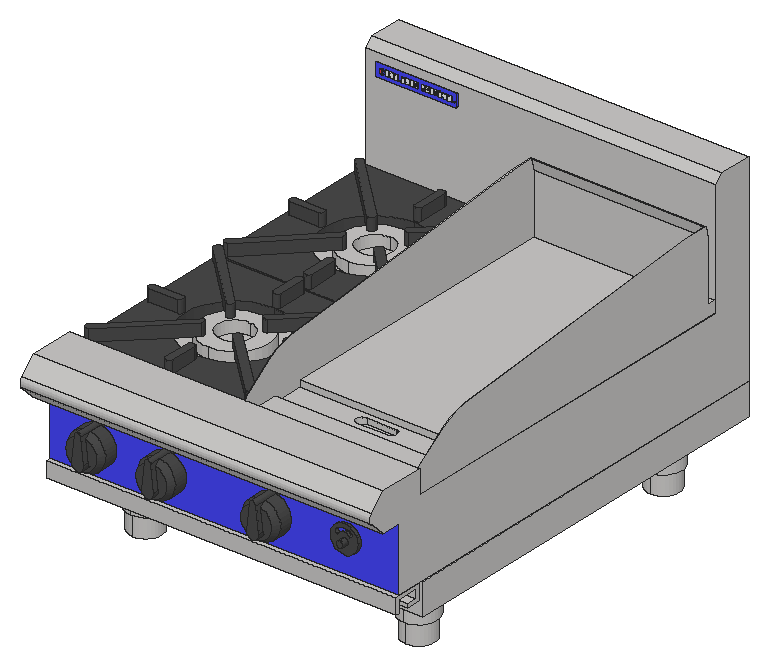
Revit family "QF_MOFFAT_BLUESEAL_CE_G514C-B", category Specialty Equipment, Revit 2012
Parameters
  Width = 600 mm  # constant formula
  Weight in Pounds = 176  # constant formula
  URL Cutsheet = "www.moffat.com"
  URL = "www.moffat.com"
  Type Mark [instance] = ""
  Status [instance] = ""
  Specification by User [instance] = ""
  Specification by Manufacturer = ""
  Show Logo [instance] = yes
  Serial Number = ""
  Seismic Rating = ""
  SMACNA No = ""
  Revision Code [instance] = ""
  Omniclass Number and Title = ""
  NAFEM Spec ID Number = ""
  Model = "G514C-B"
  Mechanical Remarks [instance] = ""
  Mechanical Connection Type [instance] = ""
  Masterspec = ""
  Manufacturer = "MOFFAT BLUESEAL"
  Item Number [instance] = ""
  Installed By [instance] = ""
  Identify Quantity as Lot [instance] = yes
  Height = 485 mm  # constant formula
  Gas Size = 3/4"
  Gas RI Height [instance] = 0 mm
  Gas KW [instance] = 20
  Gas Input [instance] = 68600.0 Btu/h
  Gas Connection Height = 0 mm
  Furnished By [instance] = ""
  Foodservice Equipment Identifier [instance] = yes
  Description = "600MM GAS GRIDDLE BENCH MOUNT"
  Depth = 812 mm  # constant formula
  CSI MasterFormat = ""
  CSI Master Format = ""
Reference planes
  plane 1 "BACK": y = 0
  plane 2: z = 0
  plane 3 "LEFT": x = 0
  plane 4 "RIGHT": x = 600
  plane 5 "FRONT": y = -812
  plane 6 "TOP": z = 370
  plane 7 "Center Y": x = 300
  plane 8 "Center X": y = -406
  plane 9: z = 485
  plane 10: z = 315
  plane 11: y = -100
  plane 12: y = -625
Forms (mm)
  Revolve 1, solid, material "QF_Finishes_Stainless Steel"
    sketch origin (534.5, -728, 0) x (0, 1, 0) y (0, 0, -1)
      loop
        line (71.25, -85) -> (103, -85) -> (103, 0) -> (75.5, 0) -> (75.5, -35) -> (71.25, -35) -> (71.25, -85)
      axis (103, -85) -> (103, 0)
    angle from 0 to 360
  Revolve 2, solid, material "QF_Finishes_Stainless Steel"
    sketch origin (534.5, -210, 0) x (0, 1, 0) y (0, 0, -1)
      loop
        line (78.25, -85) -> (110, -85) -> (110, 0) -> (82.5, 0) -> (82.5, -35) -> (78.25, -35) -> (78.25, -85)
      axis (110, -85) -> (110, 0)
    angle from 0 to 360
  Revolve 3, solid, material "QF_Finishes_Stainless Steel"
    sketch origin (65.5, -728, 0) x (0, 1, 0) y (0, 0, 1)
      loop
        line (71.25, 85) -> (71.25, 35) -> (75.5, 35) -> (75.5, 0) -> (103, 0) -> (103, 85) -> (71.25, 85)
      axis (103, 85) -> (103, 0)
    angle from 0 to 360
  Revolve 4, solid, material "QF_Finishes_Stainless Steel"
    sketch origin (65.5, -210, 0) x (0, 1, 0) y (0, 0, 1)
      loop
        line (78.25, 85) -> (78.25, 35) -> (82.5, 35) -> (82.5, 0) -> (110, 0) -> (110, 85) -> (78.25, 85)
      axis (110, 85) -> (110, 0)
    angle from 0 to 360
  Revolve 5, solid, material "QF_Finishes_Black"
    sketch origin (210, 7, 0) x (0, -1, 0) y (0, 0, 1)
      loop
        line (789, 229.605) -> (766, 229.605) -> (766, 202.105) -> (756, 202.105) -> (756, 197.105) -> (800, 197.105) -> (800, 223.757) -> (789, 229.605)
      axis (800, 197.105) -> (756, 197.105)
    angle from 0 to 360
  Extrusion 6, solid, material "QF_Finishes_Black"
    sketch origin (71.569, 7, -103.997) x (1, 0, 0) y (0, 0, 1)
      loop
        line (148.85, 289.691) -> (143.43, 332.61)
        arc (143.43, 332.61) -> (138.431, 337.497) -> (133.432, 332.61) r 5
        line (133.432, 332.61) -> (127.944, 288.524)
        arc (127.944, 288.524) -> (139.015, 278.025) -> (148.85, 289.691) r 10.487
    from 759 to 808
  Extrusion 7, solid, material "QF_Finishes_Stainless Steel"
    sketch origin (405, 3, -500) x (1, 0, 0) y (0, 1, 0)
      loop
        circle (65, -35) r 13.5
    from 555 to 585
  Extrusion 8, solid, material "QF_Finishes_Stainless Steel"
    sketch origin (0, 0, 0) x (0, 1, 0) y (0, 0, 1)
      loop
        line (-756, 112.019) -> (-749.6, 112.019) -> (-749.6, 132.806) -> (-712.4, 132.806) -> (-712.4, 118.419) -> (-731, 118.419) -> (-731, 112.019) -> (-706, 112.019) -> (-706, 139.206) -> (-756, 139.206) -> (-756, 112.019)
    from 0 to 600
  Revolve 9, solid, material "QF_Finishes_Black"
    sketch origin (89.999, 7, -0.127) x (0, 1, 0) y (0, 0, -1)
      loop
        line (-789, -229.5) -> (-766, -229.5) -> (-766, -202) -> (-756, -202) -> (-756, -197) -> (-800, -197) -> (-800, -223.651) -> (-789, -229.5)
      axis (-800, -197) -> (-756, -197)
    angle from 0 to 360
  Extrusion 10, solid, material "QF_Finishes_Black"
    sketch origin (228.269, 7, 0.031) x (-1, 0, 0) y (0, 0, -1)
      loop
        line (127.85, -185.663) -> (133.27, -228.582)
        arc (133.27, -228.582) -> (138.269, -233.469) -> (143.267, -228.582) r 5
        line (143.267, -228.582) -> (148.756, -184.496)
        arc (148.756, -184.496) -> (137.684, -173.998) -> (127.85, -185.663) r 10.487
    from 759 to 808
  Extrusion 11, solid, material "QF_Finishes_Stainless Steel"
    sketch origin (0, 0, 0) x (0, 1, 0) y (0, 0, 1)
      loop
        line (-784.97, 250) -> (-749, 250) -> (-749, 140) -> (0, 140) -> (0, 485) -> (-57.5, 485) -> (-70, 472.5) -> (-70, 275) -> (-705, 275) -> (-705, 315) -> (-783.97, 315) -> (-808.498, 290.472)
        arc (-808.498, 290.472) -> (-812.007, 282) -> (-808.498, 273.528) r 11.982
        line (-808.498, 273.528) -> (-784.97, 250)
      loop
        line (0, 85) -> (0, 139.206) -> (-699, 139.206) -> (-699, 85) -> (0, 85)
    from 0 to 600
  Revolve 12, solid, material "QF_Finishes_Black"
    sketch origin (390, 7, -0.127) x (0, 1, 0) y (0, 0, -1)
      loop
        line (-789, -229.5) -> (-766, -229.5) -> (-766, -202) -> (-756, -202) -> (-756, -197) -> (-800, -197) -> (-800, -223.651) -> (-789, -229.5)
      axis (-800, -197) -> (-756, -197)
    angle from 0 to 360
  Extrusion 13, solid, material "QF_Finishes_Black"
    sketch origin (528.269, 7, 0.031) x (-1, 0, 0) y (0, 0, -1)
      loop
        line (127.85, -185.663) -> (133.271, -228.582)
        arc (133.271, -228.582) -> (138.269, -233.469) -> (143.268, -228.582) r 5
        line (143.268, -228.582) -> (148.757, -184.496)
        arc (148.757, -184.496) -> (137.685, -173.998) -> (127.85, -185.663) r 10.487
    from 759 to 808
  Extrusion 14, solid, material "QF_Finishes_Black"
    sketch origin (0, -749, 266) x (0, 0, -1) y (1, 0, 0)
      loop
        circle (69.5, 510) r 23.9
      loop
        arc (62.141, 518.419) -> (63.001, 523.219) -> (58.201, 524.079) r 3.448
        arc (58.201, 524.079) -> (51.616, 509.341) -> (59.419, 495.209) r 18.095
        arc (59.419, 495.209) -> (64.141, 496.491) -> (62.826, 501.204) r 3.448
        arc (62.826, 501.204) -> (59.258, 509.683) -> (62.141, 518.419) r 13.109
    from 0 to 5
  Extrusion 15, solid, material "QF_Finishes_Black"
    sketch origin (0, -754, 266) x (0, 0, -1) y (1, 0, 0)
      loop
        circle (73, 510) r 5.75
    from 0 to 10
Cuts and joins
  joined: Revolve 5, Extrusion 6
Lines and regions (mm)
  Split face 1
    outline origin (0, 0, 485) x (0, -1, 0) y (1, 0, 0)
      loop
        arc (18.185, 336.013) -> (23.185, 327.353) -> (33.185, 327.353) r 10
        line (33.185, 327.353) -> (40.185, 331.394)
        arc (40.185, 331.394) -> (43.845, 335.055) -> (45.185, 340.055) r 10
        line (45.185, 340.055) -> (45.185, 568.013)
        arc (45.185, 568.013) -> (40.185, 576.674) -> (30.185, 576.674) r 10
        line (30.185, 576.674) -> (23.185, 572.632)
        arc (23.185, 572.632) -> (19.525, 568.972) -> (18.185, 563.972) r 10
        line (18.185, 563.972) -> (18.185, 336.013)
  Split face 2
    outline origin (-300, 0, 485) x (0, -1, 0) y (1, 0, 0)
      loop
        arc (18.185, 336.013) -> (23.185, 327.353) -> (33.185, 327.353) r 10
        line (33.185, 327.353) -> (40.185, 331.394)
        arc (40.185, 331.394) -> (43.845, 335.055) -> (45.185, 340.055) r 10
        line (45.185, 340.055) -> (45.185, 568.013)
        arc (45.185, 568.013) -> (40.185, 576.674) -> (30.185, 576.674) r 10
        line (30.185, 576.674) -> (23.185, 572.632)
        arc (23.185, 572.632) -> (19.525, 568.972) -> (18.185, 563.972) r 10
        line (18.185, 563.972) -> (18.185, 336.013)
  symbolic lines
    curve 1: line (0, 0, 0) -> (0, -812, 0)
    curve 2: line (600, 0, 0) -> (0, 0, 0)
    curve 3: line (600, -812, 0) -> (600, 0, 0)
    curve 4: line (0, -70, 0) -> (600, -70, 0)
    curve 5: line (0, -812, 0) -> (600, -812, 0)
    curve 6: line (600, -705, 0) -> (0, -705, 0)
    curve 7: line (36.013, -18.185, 0) -> (263.972, -18.185, 0)
    curve 8: arc (263.972, -18.185, 0) -> (268.972, -19.525, 0) -> (272.632, -23.185, 0) r 10
    curve 9: line (272.632, -23.185, 0) -> (276.674, -30.185, 0)
    curve 10: arc (276.674, -30.185, 0) -> (276.674, -40.185, 0) -> (268.013, -45.185, 0) r 10
    curve 11: line (268.013, -45.185, 0) -> (40.055, -45.185, 0)
    curve 12: arc (40.055, -45.185, 0) -> (35.055, -43.845, 0) -> (31.394, -40.185, 0) r 10
    curve 13: line (31.394, -40.185, 0) -> (27.353, -33.185, 0)
    curve 14: arc (27.353, -33.185, 0) -> (27.353, -23.185, 0) -> (36.013, -18.185, 0) r 10
    curve 15: line (299, -705, 0) -> (299, -391.5, 0)
    curve 16: line (299, -388.5, 0) -> (299, -70, 0)
    curve 17: line (336.013, -18.185, 0) -> (563.972, -18.185, 0)
    curve 18: arc (563.972, -18.185, 0) -> (568.972, -19.525, 0) -> (572.632, -23.185, 0) r 10
    curve 19: line (572.632, -23.185, 0) -> (576.674, -30.185, 0)
    curve 20: arc (576.674, -30.185, 0) -> (576.674, -40.185, 0) -> (568.013, -45.185, 0) r 10
    curve 21: line (568.013, -45.185, 0) -> (340.055, -45.185, 0)
    curve 22: arc (340.055, -45.185, 0) -> (335.055, -43.845, 0) -> (331.394, -40.185, 0) r 10
    curve 23: line (331.394, -40.185, 0) -> (327.353, -33.185, 0)
    curve 24: arc (327.353, -33.185, 0) -> (327.353, -23.185, 0) -> (336.013, -18.185, 0) r 10
    curve 25: line (0, -783.97, 0) -> (600, -783.97, 0)
Dimensions and locks
  equal spacing: plane 3 "LEFT", plane 7 "Center Y", plane 4 "RIGHT"
  "Width": plane 3 "LEFT" to plane 4 "RIGHT"
  equal spacing: plane 5 "FRONT", plane 8 "Center X", plane 1 "BACK"
  "Depth": plane 5 "FRONT" to plane 1 "BACK"
  equal spacing: plane 4 "RIGHT", plane 7 "Center Y", plane 3 "LEFT"
  plane 4 "RIGHT" to plane 3 "LEFT" = 600 mm
  Extrusion 7 to level = 55 mm
  Extrusion 7 to plane 1 "BACK" = 32 mm
  plane 5 "FRONT" to plane 1 "BACK" = 812 mm
  "Height": plane 9 to level
  plane 10 to level = 315 mm
  Extrusion 7 sketch curve to plane 1 "BACK" = 32 mm
  aligned and locked: level to plane 2
  aligned and locked: curve 3 to plane 4 "RIGHT"
Automatic sketch dimensions
  Revolve 1 sketch curve to level = 0 mm
  level to Revolve 1 sketch curve = 35 mm
  Revolve 1 sketch curve to plane 5 "FRONT" = 155.25 mm
  Revolve 1 sketch curve to Revolve 1 sketch curve = 4.25 mm
  Revolve 1 sketch curve to Revolve 1 sketch curve = 27.5 mm
  Revolve 1 sketch curve to Revolve 1 sketch curve = 0 mm
  Revolve 1 sketch curve to Revolve 1 sketch curve = 15 mm
  Revolve 1 sketch curve to Revolve 1 sketch curve = 35 mm
  Revolve 1 sketch curve to Revolve 1 sketch curve = 55 mm
  Revolve 2 sketch curve to level = 0 mm
  level to Revolve 2 sketch curve = 35 mm
  plane 1 "BACK" to Revolve 2 sketch curve = 131.75 mm
  Revolve 2 sketch curve to Revolve 2 sketch curve = 4.25 mm
  Revolve 2 sketch curve to Revolve 2 sketch curve = 27.5 mm  (x2)
  Revolve 2 sketch curve to Revolve 2 sketch curve = 15 mm
  Revolve 2 sketch curve to Revolve 2 sketch curve = 35 mm
  Revolve 2 sketch curve to Revolve 2 sketch curve = 55 mm
  Revolve 3 sketch curve to level = 0 mm
  level to Revolve 3 sketch curve = 35 mm
  Revolve 3 sketch curve to plane 5 "FRONT" = 155.25 mm
  Revolve 3 sketch curve to Revolve 3 sketch curve = 4.25 mm
  Revolve 3 sketch curve to Revolve 3 sketch curve = 27.5 mm  (x2)
  Revolve 3 sketch curve to Revolve 3 sketch curve = 55 mm
  Revolve 3 sketch curve to Revolve 3 sketch curve = 15 mm
  Revolve 3 sketch curve to Revolve 3 sketch curve = 35 mm
  Revolve 4 sketch curve to level = 0 mm
  level to Revolve 4 sketch curve = 35 mm
  plane 1 "BACK" to Revolve 4 sketch curve = 131.75 mm
  Revolve 4 sketch curve to Revolve 4 sketch curve = 4.25 mm
  Revolve 4 sketch curve to Revolve 4 sketch curve = 27.5 mm  (x2)
  Revolve 4 sketch curve to Revolve 4 sketch curve = 55 mm
  Revolve 4 sketch curve to Revolve 4 sketch curve = 15 mm
  Revolve 4 sketch curve to Revolve 4 sketch curve = 35 mm
  Revolve 5 sketch curve to plane 5 "FRONT" = 63 mm
  Revolve 5 sketch curve to Revolve 5 sketch curve = 10 mm
  Revolve 5 sketch curve to Revolve 5 sketch curve = 21.3 mm
  Revolve 5 sketch curve to Revolve 5 sketch curve = 23 mm
  Revolve 5 sketch curve to Revolve 5 sketch curve = 12.7 mm
  Revolve 5 sketch curve to Revolve 5 sketch curve = 0 mm  (x2)
  Revolve 5 sketch curve to plane 10 = 117.895 mm
  Revolve 5 sketch curve to Revolve 5 sketch curve = 5 mm
  Revolve 5 sketch curve to Revolve 5 sketch curve = 26.651 mm
  Revolve 5 sketch curve to Revolve 5 sketch curve = 5.849 mm
  Extrusion 8 sketch curve to plane 5 "FRONT" = 56 mm
  Extrusion 8 sketch curve to Extrusion 8 sketch curve = 6.4 mm  (x4)
  Extrusion 8 sketch curve to Extrusion 8 sketch curve = 18.6 mm  (x2)
  level to Extrusion 8 sketch curve = 112.019 mm
  Extrusion 8 sketch curve to Extrusion 8 sketch curve = 0 mm
  Extrusion 8 sketch curve to Extrusion 8 sketch curve = 20.787 mm
  Revolve 9 sketch curve to plane 5 "FRONT" = 19 mm
  Revolve 9 sketch curve to Revolve 9 sketch curve = 0 mm  (x2)
  Revolve 9 sketch curve to Revolve 9 sketch curve = 11 mm
  Revolve 9 sketch curve to Revolve 9 sketch curve = 12.7 mm
  Revolve 9 sketch curve to Revolve 9 sketch curve = 23 mm
  Revolve 9 sketch curve to Revolve 9 sketch curve = 10 mm
  Revolve 9 sketch curve to plane 10 = 85.627 mm
  Revolve 9 sketch curve to Revolve 9 sketch curve = 5.849 mm
  Revolve 9 sketch curve to Revolve 9 sketch curve = 27.5 mm
  Revolve 9 sketch curve to Revolve 9 sketch curve = 5 mm
  Extrusion 11 sketch curve to plane 10 = 0 mm
  plane 9 to Extrusion 11 sketch curve = 0 mm
  Extrusion 11 sketch curve to plane 1 "BACK" = 0 mm  (x2)
  plane 1 "BACK" to Extrusion 11 sketch curve = 57.5 mm
  plane 9 to Extrusion 11 sketch curve = 12.5 mm
  Extrusion 11 sketch curve to Extrusion 11 sketch curve = 12.5 mm
  Extrusion 11 sketch curve to plane 5 "FRONT" = 113 mm
  Extrusion 11 sketch curve to plane 5 "FRONT" = 107 mm
  Extrusion 11 sketch curve to Extrusion 11 sketch curve = 50 mm
  Extrusion 11 sketch curve to plane 5 "FRONT" = 28.03 mm
  Extrusion 11 sketch curve to plane 5 "FRONT" = 27.03 mm
  Extrusion 11 sketch curve to plane 5 "FRONT" = 11.975 mm
  Extrusion 11 sketch curve to plane 5 "FRONT" = 3.502 mm  (x2)
  Extrusion 11 sketch curve to plane 10 = 24.528 mm
  Extrusion 11 sketch curve to Extrusion 11 sketch curve = 8.472 mm
  Extrusion 11 sketch curve to Extrusion 11 sketch curve = 40 mm
  Extrusion 11 sketch curve to Extrusion 11 sketch curve = 23.528 mm
  Extrusion 11 sketch curve to Extrusion 11 sketch curve = 110 mm
  Extrusion 11 sketch curve to Extrusion 11 sketch curve = 0.794 mm
  Extrusion 11 sketch curve to Extrusion 11 sketch curve = 54.206 mm
  Split face 1 sketch curve to Extrusion 11 = 18.185 mm
  Split face 1 sketch curve to Split face 1 sketch curve = 5 mm  (x2)
  Split face 1 sketch curve to Split face 1 sketch curve = 10 mm  (x3)
  Split face 1 sketch curve to Split face 1 sketch curve = 7 mm  (x4)
  Split face 1 sketch curve to Extrusion 11 = 272.647 mm
  Split face 1 sketch curve to Split face 1 sketch curve = 4.041 mm  (x2)
  Split face 1 sketch curve to Extrusion 11 = 36.028 mm
  Split face 2 sketch curve to Extrusion 11 = 18.185 mm
  Split face 2 sketch curve to Split face 2 sketch curve = 5 mm  (x2)
  Split face 2 sketch curve to Split face 2 sketch curve = 10 mm  (x3)
  Split face 2 sketch curve to Split face 2 sketch curve = 7 mm  (x4)
  Split face 2 sketch curve to Extrusion 11 = 27.353 mm
  Split face 2 sketch curve to Split face 2 sketch curve = 4.041 mm  (x2)
  Split face 2 sketch curve to Split face 2 sketch curve = 223.917 mm
  Revolve 12 sketch curve to plane 5 "FRONT" = 19 mm
  Revolve 12 sketch curve to Revolve 12 sketch curve = 0 mm  (x2)
  Revolve 12 sketch curve to Revolve 12 sketch curve = 11 mm
  Revolve 12 sketch curve to Revolve 12 sketch curve = 12.7 mm
  Revolve 12 sketch curve to Revolve 12 sketch curve = 23 mm
  Revolve 12 sketch curve to Revolve 12 sketch curve = 10 mm
  Revolve 12 sketch curve to plane 10 = 85.627 mm
  Revolve 12 sketch curve to Revolve 12 sketch curve = 5.849 mm
  Revolve 12 sketch curve to Revolve 12 sketch curve = 27.5 mm
  Revolve 12 sketch curve to Revolve 12 sketch curve = 5 mm
  plane 1 "BACK" to curve 1 = 0 mm
  curve 1 to plane 3 "LEFT" = 0 mm
  plane 5 "FRONT" to curve 3 = 0 mm
  plane 3 "LEFT" to curve 14 = 27.353 mm
  curve 14 to curve 12 = 4.041 mm
  curve 14 to curve 7 = 8.66 mm
  curve 13 to curve 12 = 8.66 mm
  curve 8 to plane 7 "Center Y" = 36.028 mm
  curve 8 to curve 10 = 4.041 mm
  curve 7 to curve 8 = 8.66 mm
  curve 9 to curve 9 = 4.041 mm
  plane 7 "Center Y" to curve 24 = 27.353 mm
  curve 23 to curve 22 = 4.041 mm
  curve 24 to curve 24 = 8.66 mm
  curve 23 to curve 21 = 8.66 mm
  curve 18 to curve 20 = 4.041 mm
  curve 17 to curve 19 = 8.66 mm
  curve 18 to curve 19 = 4.041 mm
  curve 6 to plane 5 "FRONT" = 107 mm
  plane 1 "BACK" to curve 11 = 45.185 mm
  curve 4 to curve 21 = 24.815 mm
  curve 21 to curve 22 = 5 mm
  curve 12 to curve 13 = 5 mm
  curve 21 to curve 20 = 10 mm
  curve 10 to curve 10 = 10 mm
  curve 22 to curve 24 = 7 mm  (x2)
  curve 12 to curve 13 = 7 mm
  curve 12 to curve 14 = 7 mm
  curve 10 to curve 8 = 7 mm
  curve 20 to curve 18 = 7 mm
  curve 16 to plane 7 "Center Y" = 1 mm
  curve 15 to plane 7 "Center Y" = 1 mm
  curve 15 to curve 16 = 3 mm
  plane 1 "BACK" to curve 4 = 70 mm
  plane 8 "Center X" to curve 15 = 14.5 mm
  curve 25 to plane 5 "FRONT" = 28.03 mm
  plane 4 "RIGHT" to curve 18 = 36.028 mm
  plane 4 "RIGHT" to Extrusion 7 sketch curve = 130 mm
  plane 3 "LEFT" to Extrusion 10 sketch curve = 100.419 mm
  Extrusion 10 sketch curve to Extrusion 10 sketch curve = 5.421 mm
  Extrusion 10 sketch curve to Extrusion 10 sketch curve = 10.419 mm
  Extrusion 10 sketch curve to Extrusion 10 sketch curve = 4.999 mm  (x2)
  Extrusion 10 sketch curve to Extrusion 10 sketch curve = 10.487 mm
  Extrusion 10 sketch curve to plane 10 = 86.387 mm
  Extrusion 10 sketch curve to Extrusion 10 sketch curve = 0.113 mm
  Extrusion 10 sketch curve to Extrusion 10 sketch curve = 42.919 mm
  Extrusion 10 sketch curve to Extrusion 10 sketch curve = 1.167 mm
  Extrusion 6 sketch curve to plane 7 "Center Y" = 100.487 mm
  Extrusion 6 sketch curve to Extrusion 6 sketch curve = 5.489 mm
  Extrusion 6 sketch curve to Extrusion 6 sketch curve = 4.999 mm  (x2)
  Extrusion 6 sketch curve to Extrusion 6 sketch curve = 10.487 mm
  Extrusion 6 sketch curve to Extrusion 6 sketch curve = 10.419 mm
  Extrusion 6 sketch curve to plane 10 = 130.5 mm
  Extrusion 6 sketch curve to Extrusion 6 sketch curve = 0.028 mm
  Extrusion 6 sketch curve to Extrusion 6 sketch curve = 44 mm
  Extrusion 6 sketch curve to Extrusion 6 sketch curve = 0.113 mm
  plane 7 "Center Y" to Extrusion 13 sketch curve = 100.419 mm
  Extrusion 13 sketch curve to Extrusion 13 sketch curve = 5.421 mm
  Extrusion 13 sketch curve to Extrusion 13 sketch curve = 10.419 mm
  Extrusion 13 sketch curve to Extrusion 13 sketch curve = 4.999 mm  (x2)
  Extrusion 13 sketch curve to Extrusion 13 sketch curve = 10.487 mm
  Extrusion 13 sketch curve to plane 10 = 86.387 mm
  Extrusion 13 sketch curve to Extrusion 13 sketch curve = 0.113 mm
  Extrusion 13 sketch curve to Extrusion 13 sketch curve = 42.919 mm
  Extrusion 13 sketch curve to Extrusion 13 sketch curve = 1.167 mm
  Extrusion 11 to Extrusion 14 sketch curve = 42.201 mm
  Extrusion 14 sketch curve to Extrusion 14 sketch curve = 1.218 mm
  Extrusion 14 sketch curve to Extrusion 14 sketch curve = 1.97 mm  (x2)
  Extrusion 14 sketch curve to Extrusion 14 sketch curve = 1.724 mm
  Extrusion 14 sketch curve to Extrusion 14 sketch curve = 1.683 mm
  Extrusion 14 sketch curve to Extrusion 14 sketch curve = 6.674 mm
  Extrusion 14 sketch curve to Extrusion 14 sketch curve = 0.195 mm
  Extrusion 14 sketch curve to Extrusion 14 sketch curve = 2.662 mm
  Extrusion 11 to Extrusion 14 sketch curve = 104.791 mm
  Extrusion 14 sketch curve to Extrusion 14 sketch curve = 2.986 mm
  Extrusion 14 sketch curve to Extrusion 14 sketch curve = 8.796 mm
  Extrusion 14 sketch curve to Extrusion 14 sketch curve = 0.103 mm
  Extrusion 14 sketch curve to Extrusion 14 sketch curve = 0.102 mm
  radius of Extrusion 7 sketch curve = 13.5 mm
  radius of Extrusion 14 sketch curve = 23.9 mm
Nested families
  nested 1: "WALDORF LOGO_FACE BASE" at (18.6, -70, 458.604) x (1, 0, 0) z (0, -1, 0), visible <- "Show Logo", type "WALDORF LOGO_FACE BASE", detail levels medium+fine
    with Show Logo yes
  nested 2: "GAS BURNER & GRIDDLE 300" at (-1, -70.003, 274.5), type "GAS BURNER & GRIDDLE 300"
    with Width 600 mm, Type Mark "", Status "", Specification by User "", Revision Code "", Item Number "", Installed By "", Identify Quantity as Lot yes, Furnished By "", Foodservice Equipment Identifier yes, Depth 635 mm
Connectors
  piping at (470, -32, 55)
    settings: on Extrusion 7, index 1, connector radius 0.37402", flow factor 0, pipe flow 0 GPM, pressure drop 0.00 psi, fitting loss kfactor 0, connector angle 0.00°, fixture units 0, engagement length 0 mm, flow configuration 1, flow direction 1, fitting loss method 0, system type 7, joint type 0, gender type 0, connector reference index -1, connector utility 0, adjustable connector no, is connector primary yes, fitting loss table "", connector description "GAS CONNECTION"
Definition of nested family "WALDORF LOGO_FACE BASE"
  Parameters (values of type "WALDORF LOGO_FACE BASE")
    Show Logo [instance] = yes
    Default Elevation = 1219.2 mm
  Reference planes
    plane 1 "Center (Front/Back)": y = 0
    plane 2: z = 0
    plane 3 "Center (Left/Right)": x = 0
  Forms (mm)
    Extrusion 1, solid
      sketch origin (0, 0, 0) x (1, 0, 0) y (0, 1, 0)
        loop
          line (-1219.2, 1219.2) -> (-1219.2, -1219.2) -> (1219.2, -1219.2) -> (1219.2, 1219.2) -> (-1219.2, 1219.2)
      from 0 to -304.8
    Extrusion 2, solid, material "QF_Finishes_Blue", visible <- "Show Logo"
      sketch origin (0, -33.217, 0) x (1, 0, 0) y (0, 1, 0)
        loop
          arc (138, 31.942) -> (137.626, 32.844) -> (136.724, 33.217) r 1.276
          line (136.724, 33.217) -> (1.29, 33.217)
          arc (1.29, 33.217) -> (0.378, 32.839) -> (0, 31.927) r 1.29
          line (0, 31.927) -> (0, 11.507)
          arc (0, 11.507) -> (0.378, 10.595) -> (1.29, 10.217) r 1.29
          line (1.29, 10.217) -> (136.71, 10.217)
          arc (136.71, 10.217) -> (137.622, 10.595) -> (138, 11.507) r 1.29
          line (138, 11.507) -> (138, 31.942)
      from 0 to 1.588
    Extrusion 3, solid, material "QF_Finishes_White", visible <- "Show Logo"
      sketch origin (0, -33.217, 1.588) x (1, 0, 0) y (0, 1, 0)
        loop
          arc (108.946, 25.919) -> (107.613, 25.367) -> (107.061, 24.034) r 1.885
          line (107.061, 24.034) -> (107.061, 17.211) -> (112.704, 17.211) -> (112.704, 19.129) -> (115.546, 19.129) -> (115.546, 17.211) -> (121.584, 17.211) -> (121.584, 24.075)
          arc (121.584, 24.075) -> (121.043, 25.379) -> (119.739, 25.919) r 1.845
          line (119.739, 25.919) -> (108.946, 25.919)
        loop
          line (123.478, 25.919) -> (123.478, 17.163) -> (134.904, 17.163) -> (134.904, 19.129) -> (129.246, 19.129) -> (129.246, 25.919) -> (123.478, 25.919)
        loop
          line (112.704, 21.258) -> (115.546, 21.258) -> (115.546, 22.702)
          arc (115.546, 22.702) -> (115.344, 23.188) -> (114.858, 23.389) r 0.687
          line (114.858, 23.389) -> (113.363, 23.389)
          arc (113.363, 23.389) -> (112.897, 23.196) -> (112.704, 22.73) r 0.658
          line (112.704, 22.73) -> (112.704, 21.258)
        loop
          line (105.071, 25.919) -> (93.771, 25.919) -> (93.771, 17.163) -> (105.071, 17.163) -> (105.071, 19.063) -> (99.535, 19.063) -> (99.535, 20.437) -> (105.071, 20.437) -> (105.071, 22.278) -> (99.535, 22.278) -> (99.535, 23.587) -> (105.071, 23.587) -> (105.071, 25.919)
        loop
          line (91.104, 25.919) -> (79.541, 25.919)
          arc (79.541, 25.919) -> (78.558, 25.513) -> (78.152, 24.53) r 1.389
          line (78.152, 24.53) -> (78.152, 22.08)
          arc (78.152, 22.08) -> (78.558, 21.098) -> (79.541, 20.691) r 1.389
          line (79.541, 20.691) -> (86.346, 20.691) -> (86.346, 18.864) -> (83.266, 18.864) -> (83.266, 19.664) -> (78.152, 19.664) -> (78.152, 18.553)
          arc (78.152, 18.553) -> (78.558, 17.57) -> (79.541, 17.163) r 1.389
          line (79.541, 17.163) -> (91.063, 17.163)
          arc (91.063, 17.163) -> (92.045, 17.57) -> (92.452, 18.553) r 1.389
          line (92.452, 18.553) -> (92.452, 20.691)
          arc (92.452, 20.691) -> (92.045, 21.673) -> (91.063, 22.08) r 1.389
          line (91.063, 22.08) -> (83.266, 22.08) -> (83.266, 23.984) -> (86.346, 23.984) -> (86.346, 22.743) -> (92.452, 22.743) -> (92.452, 24.571)
          arc (92.452, 24.571) -> (92.057, 25.524) -> (91.104, 25.919) r 1.348
        loop
          line (70.705, 25.919) -> (59.405, 25.919) -> (59.405, 17.163) -> (70.705, 17.163) -> (70.705, 19.063) -> (65.169, 19.063) -> (65.169, 20.437) -> (70.705, 20.437) -> (70.705, 22.278) -> (65.169, 22.278) -> (65.169, 23.587) -> (70.705, 23.587) -> (70.705, 25.919)
        loop
          line (57.598, 25.919) -> (51.7, 25.919) -> (51.7, 20.18)
          arc (51.7, 20.18) -> (50.63, 19.11) -> (49.56, 20.18) r 1.07
          line (49.56, 20.18) -> (49.56, 25.919) -> (43.663, 25.919) -> (43.663, 19.049)
          arc (43.663, 19.049) -> (44.215, 17.716) -> (45.548, 17.163) r 1.885
          line (45.548, 17.163) -> (55.71, 17.163)
          arc (55.71, 17.163) -> (57.045, 17.716) -> (57.598, 19.051) r 1.887
          line (57.598, 19.051) -> (57.598, 25.919)
        loop
          line (31.62, 25.919) -> (31.62, 17.163) -> (43.046, 17.163) -> (43.046, 19.129) -> (37.388, 19.129) -> (37.388, 25.919) -> (31.62, 25.919)
        loop
          line (15.969, 25.919) -> (15.969, 17.163) -> (28.693, 17.163)
          arc (28.693, 17.163) -> (29.812, 17.627) -> (30.276, 18.746) r 1.582
          line (30.276, 18.746) -> (30.276, 20.447) -> (29.48, 21.243) -> (30.276, 22.039) -> (30.276, 24.332)
          arc (30.276, 24.332) -> (29.811, 25.454) -> (28.688, 25.919) r 1.587
          line (28.688, 25.919) -> (15.969, 25.919)
        loop
          line (21.449, 24.159) -> (21.449, 22.436) -> (23.862, 22.436)
          arc (23.862, 22.436) -> (24.723, 23.298) -> (23.862, 24.159) r 0.861
          line (23.862, 24.159) -> (21.449, 24.159)
        loop
          line (21.449, 20.244) -> (21.449, 18.522) -> (23.862, 18.522)
          arc (23.862, 18.522) -> (24.723, 19.383) -> (23.862, 20.244) r 0.861
          line (23.862, 20.244) -> (21.449, 20.244)
      from 0 to 0.2
    Extrusion 4, solid, material "QF_Finishes_Blue", visible <- "Show Logo"
      sketch origin (-126.498, -31.09, 1.588) x (1, 0, 0) y (0, 1, 0)
        loop
          line (136.738, 23.522) -> (136.738, 15.1)
          arc (136.738, 15.1) -> (140.756, 19.311) -> (136.738, 23.522) r 4.216
      from 0 to 0.2
    Extrusion 5, solid, material "QF_Finishes_Red", visible <- "Show Logo"
      sketch origin (146.849, -31.09, 1.588) x (-1, 0, 0) y (0, -1, 0)
        loop
          arc (136.738, -23.522) -> (140.756, -19.311) -> (136.738, -15.1) r 4.216
          line (136.738, -15.1) -> (136.738, -23.522)
      from 0 to 0.2
  Lines and regions (mm)
    Split face 1
      outline origin (-90.35, -30.793, 1.588) x (1, 0, 0) y (0, 1, 0)
        loop
          circle (100.54, 19.013) r 4.536
  Dimensions and locks
    aligned and locked: plane 2 to Extrusion 1
    aligned and locked: level to Extrusion 1
Definition of nested family "GAS BURNER & GRIDDLE 300"
  Parameters (values of type "GAS BURNER & GRIDDLE 300")
    Width [instance] = 600 mm
    Weight in Pounds = 0
    URL Cutsheet = ""
    Type Mark [instance] = ""
    Status [instance] = ""
    Specification by User [instance] = ""
    Specification by Manufacturer = ""
    Serial Number = ""
    Seismic Rating = ""
    SMACNA No = ""
    Revision Code [instance] = ""
    Omniclass Number and Title = ""
    NAFEM Spec ID Number = ""
    Masterspec = ""
    Item Number [instance] = ""
    Installed By [instance] = ""
    Identify Quantity as Lot [instance] = yes
    Furnished By [instance] = ""
    Foodservice Equipment Identifier [instance] = yes
    Depth [instance] = 635 mm
    CSI MasterFormat = ""
    CSI Master Format = ""
  Reference planes
    plane 1 "BACK": y = 0
    plane 2: z = 0
    plane 3 "LEFT": x = 0
    plane 4 "RIGHT": x = 600
    plane 5 "FRONT": y = -635
    plane 6 "TOP": z = 142.5
    plane 7 "Center Y": x = 300
    plane 8 "Center X": y = -317.5
  Forms (mm)
    Extrusion 1, solid, material "QF_Finishes_Black"
      sketch origin (0, 0, 0) x (0, -1, 0) y (1, 0, 0)
        loop
          line (318.5, 4) -> (318.5, 296)
          arc (318.5, 296) -> (317.621, 298.121) -> (315.5, 299) r 3
          line (315.5, 299) -> (3, 299)
          arc (3, 299) -> (0.879, 298.121) -> (0, 296) r 3
          line (0, 296) -> (0, 4)
          arc (0, 4) -> (0.879, 1.879) -> (3, 1) r 3
          line (3, 1) -> (315.5, 1)
          arc (315.5, 1) -> (317.621, 1.879) -> (318.5, 4) r 3
        loop
          line (324.5, 1) -> (632, 1)
          arc (632, 1) -> (634.121, 1.879) -> (635, 4) r 3
          line (635, 4) -> (635, 296)
          arc (635, 296) -> (634.121, 298.121) -> (632, 299) r 3
          line (632, 299) -> (324.5, 299)
          arc (324.5, 299) -> (322.379, 298.121) -> (321.5, 296) r 3
          line (321.5, 296) -> (321.5, 4)
          arc (321.5, 4) -> (322.379, 1.879) -> (324.5, 1) r 3
        loop
          circle (168.5, 149.991) r 84.082
        loop
          circle (468.5, 149.991) r 84.082
      from 0 to 19.5
    Extrusion 2, solid, material "QF_Finishes_Black"
      sketch origin (0, 0, 19.5) x (0, -1, 0) y (1, 0, 0)
        loop
          spline (326.102, 15.153) -> (325.181, 13.924) -> (324.631, 12.47) -> (324.49, 10.89) -> (324.767, 9.292) -> (325.443, 7.786) -> (326.473, 6.473) -> (327.786, 5.443) -> (329.292, 4.767) -> (330.89, 4.49) -> (332.47, 4.631) -> (333.924, 5.181) -> (335.153, 6.102)
          line (335.153, 6.102) -> (443.076, 114.025)
          spline (443.076, 114.025) -> (443.837, 115.095) -> (444.238, 116.399) -> (444.251, 117.851) -> (443.875, 119.35) -> (443.137, 120.795) -> (442.086, 122.086) -> (440.795, 123.137) -> (439.35, 123.875) -> (437.851, 124.251) -> (436.399, 124.238) -> (435.095, 123.837) -> (434.025, 123.076)
          line (434.025, 123.076) -> (326.102, 15.153)
        loop
          spline (328.898, 156.4) -> (327.604, 156.182) -> (326.398, 155.543) -> (325.362, 154.525) -> (324.568, 153.2) -> (324.068, 151.656) -> (323.898, 150) -> (324.068, 148.344) -> (324.568, 146.8) -> (325.362, 145.475) -> (326.398, 144.457) -> (327.604, 143.818) -> (328.898, 143.6)
          line (328.898, 143.6) -> (378.102, 143.6)
          spline (378.102, 143.6) -> (379.396, 143.818) -> (380.602, 144.457) -> (381.638, 145.475) -> (382.432, 146.8) -> (382.932, 148.344) -> (383.102, 150) -> (382.932, 151.656) -> (382.432, 153.2) -> (381.638, 154.525) -> (380.602, 155.543) -> (379.396, 156.182) -> (378.102, 156.4)
          line (378.102, 156.4) -> (328.898, 156.4)
        loop
          spline (335.153, 293.898) -> (334.084, 294.659) -> (332.779, 295.059) -> (331.328, 295.072) -> (329.829, 294.697) -> (328.384, 293.959) -> (327.092, 292.908) -> (326.041, 291.616) -> (325.303, 290.171) -> (324.928, 288.672) -> (324.941, 287.221) -> (325.341, 285.916) -> (326.102, 284.847)
          line (326.102, 284.847) -> (434.025, 176.924)
          spline (434.025, 176.924) -> (435.095, 176.163) -> (436.399, 175.762) -> (437.851, 175.749) -> (439.35, 176.125) -> (440.795, 176.863) -> (442.086, 177.914) -> (443.137, 179.205) -> (443.875, 180.65) -> (444.251, 182.149) -> (444.238, 183.601) -> (443.837, 184.905) -> (443.076, 185.975)
          line (443.076, 185.975) -> (335.153, 293.898)
        loop
          line (463.6, 291.102) -> (463.6, 241.898)
          spline (463.6, 241.898) -> (463.818, 240.604) -> (464.457, 239.398) -> (465.475, 238.362) -> (466.8, 237.568) -> (468.344, 237.068) -> (470, 236.898) -> (471.656, 237.068) -> (473.2, 237.568) -> (474.525, 238.362) -> (475.543, 239.398) -> (476.182, 240.604) -> (476.4, 241.898)
          line (476.4, 241.898) -> (476.4, 291.102)
          spline (476.4, 291.102) -> (476.182, 292.396) -> (475.543, 293.602) -> (474.525, 294.638) -> (473.2, 295.432) -> (471.656, 295.932) -> (470, 296.102) -> (468.344, 295.932) -> (466.8, 295.432) -> (465.475, 294.638) -> (464.457, 293.602) -> (463.818, 292.396) -> (463.6, 291.102)
        loop
          spline (612.398, 284.847) -> (613.159, 285.916) -> (613.559, 287.221) -> (613.572, 288.672) -> (613.197, 290.171) -> (612.459, 291.616) -> (611.408, 292.908) -> (610.116, 293.959) -> (608.671, 294.697) -> (607.172, 295.072) -> (605.721, 295.059) -> (604.416, 294.659) -> (603.347, 293.898)
          line (603.347, 293.898) -> (496.924, 185.975)
          spline (496.924, 185.975) -> (496.163, 184.905) -> (495.762, 183.601) -> (495.749, 182.149) -> (496.125, 180.65) -> (496.863, 179.205) -> (497.914, 177.914) -> (499.205, 176.863) -> (500.65, 176.125) -> (502.149, 175.749) -> (503.601, 175.762) -> (504.905, 176.163) -> (505.975, 176.924)
          line (505.975, 176.924) -> (612.398, 284.847)
        loop
          spline (609.602, 143.6) -> (610.896, 143.818) -> (612.102, 144.457) -> (613.138, 145.475) -> (613.932, 146.8) -> (614.432, 148.344) -> (614.602, 150) -> (614.432, 151.656) -> (613.932, 153.2) -> (613.138, 154.525) -> (612.102, 155.543) -> (610.896, 156.182) -> (609.602, 156.4)
          line (609.602, 156.4) -> (561.898, 156.4)
          spline (561.898, 156.4) -> (560.604, 156.182) -> (559.398, 155.543) -> (558.362, 154.525) -> (557.568, 153.2) -> (557.068, 151.656) -> (556.898, 150) -> (557.068, 148.344) -> (557.568, 146.8) -> (558.362, 145.475) -> (559.398, 144.457) -> (560.604, 143.818) -> (561.898, 143.6)
          line (561.898, 143.6) -> (609.602, 143.6)
        loop
          line (612.398, 15.153) -> (505.975, 123.076)
          spline (505.975, 123.076) -> (504.905, 123.837) -> (503.601, 124.238) -> (502.149, 124.251) -> (500.65, 123.875) -> (499.205, 123.137) -> (497.914, 122.086) -> (496.863, 120.795) -> (496.125, 119.35) -> (495.749, 117.851) -> (495.762, 116.399) -> (496.163, 115.095) -> (496.924, 114.025)
          line (496.924, 114.025) -> (603.347, 6.102)
          spline (603.347, 6.102) -> (604.416, 5.341) -> (605.721, 4.941) -> (607.172, 4.928) -> (608.671, 5.303) -> (610.116, 6.041) -> (611.408, 7.092) -> (612.459, 8.384) -> (613.197, 9.829) -> (613.572, 11.328) -> (613.559, 12.779) -> (613.159, 14.084) -> (612.398, 15.153)
        loop
          line (476.4, 8.898) -> (476.4, 58.102)
          spline (476.4, 58.102) -> (476.182, 59.396) -> (475.543, 60.602) -> (474.525, 61.638) -> (473.2, 62.432) -> (471.656, 62.932) -> (470, 63.102) -> (468.344, 62.932) -> (466.8, 62.432) -> (465.475, 61.638) -> (464.457, 60.602) -> (463.818, 59.396) -> (463.6, 58.102)
          line (463.6, 58.102) -> (463.6, 8.898)
          spline (463.6, 8.898) -> (463.818, 7.604) -> (464.457, 6.398) -> (465.475, 5.362) -> (466.8, 4.568) -> (468.344, 4.068) -> (470, 3.898) -> (471.656, 4.068) -> (473.2, 4.568) -> (474.525, 5.362) -> (475.543, 6.398) -> (476.182, 7.604) -> (476.4, 8.898)
        loop
          spline (22.602, 15.153) -> (21.681, 13.924) -> (21.131, 12.47) -> (20.99, 10.89) -> (21.267, 9.292) -> (21.943, 7.786) -> (22.973, 6.473) -> (24.286, 5.443) -> (25.792, 4.767) -> (27.39, 4.49) -> (28.97, 4.631) -> (30.424, 5.181) -> (31.653, 6.102)
          line (31.653, 6.102) -> (139.576, 114.025)
          spline (139.576, 114.025) -> (140.337, 115.095) -> (140.738, 116.399) -> (140.751, 117.851) -> (140.375, 119.35) -> (139.637, 120.795) -> (138.586, 122.086) -> (137.295, 123.137) -> (135.85, 123.875) -> (134.351, 124.251) -> (132.899, 124.238) -> (131.595, 123.837) -> (130.525, 123.076)
          line (130.525, 123.076) -> (22.602, 15.153)
        loop
          spline (25.398, 156.4) -> (24.104, 156.182) -> (22.898, 155.543) -> (21.862, 154.525) -> (21.068, 153.2) -> (20.568, 151.656) -> (20.398, 150) -> (20.568, 148.344) -> (21.068, 146.8) -> (21.862, 145.475) -> (22.898, 144.457) -> (24.104, 143.818) -> (25.398, 143.6)
          line (25.398, 143.6) -> (74.602, 143.6)
          spline (74.602, 143.6) -> (75.896, 143.818) -> (77.102, 144.457) -> (78.138, 145.475) -> (78.932, 146.8) -> (79.432, 148.344) -> (79.602, 150) -> (79.432, 151.656) -> (78.932, 153.2) -> (78.138, 154.525) -> (77.102, 155.543) -> (75.896, 156.182) -> (74.602, 156.4)
          line (74.602, 156.4) -> (25.398, 156.4)
        loop
          spline (31.653, 293.898) -> (30.584, 294.659) -> (29.279, 295.059) -> (27.828, 295.072) -> (26.329, 294.697) -> (24.884, 293.959) -> (23.592, 292.908) -> (22.541, 291.616) -> (21.803, 290.171) -> (21.428, 288.672) -> (21.441, 287.221) -> (21.841, 285.916) -> (22.602, 284.847)
          line (22.602, 284.847) -> (130.525, 176.924)
          spline (130.525, 176.924) -> (131.595, 176.163) -> (132.899, 175.762) -> (134.351, 175.749) -> (135.85, 176.125) -> (137.295, 176.863) -> (138.586, 177.914) -> (139.637, 179.205) -> (140.375, 180.65) -> (140.751, 182.149) -> (140.738, 183.601) -> (140.337, 184.905) -> (139.576, 185.975)
          line (139.576, 185.975) -> (31.653, 293.898)
        loop
          line (160.1, 291.102) -> (160.1, 241.898)
          spline (160.1, 241.898) -> (160.318, 240.604) -> (160.957, 239.398) -> (161.975, 238.362) -> (163.3, 237.568) -> (164.844, 237.068) -> (166.5, 236.898) -> (168.156, 237.068) -> (169.7, 237.568) -> (171.025, 238.362) -> (172.043, 239.398) -> (172.682, 240.604) -> (172.9, 241.898)
          line (172.9, 241.898) -> (172.9, 291.102)
          spline (172.9, 291.102) -> (172.682, 292.396) -> (172.043, 293.602) -> (171.025, 294.638) -> (169.7, 295.432) -> (168.156, 295.932) -> (166.5, 296.102) -> (164.844, 295.932) -> (163.3, 295.432) -> (161.975, 294.638) -> (160.957, 293.602) -> (160.318, 292.396) -> (160.1, 291.102)
        loop
          spline (313.898, 284.847) -> (314.659, 285.916) -> (315.059, 287.221) -> (315.072, 288.672) -> (314.697, 290.171) -> (313.959, 291.616) -> (312.908, 292.908) -> (311.616, 293.959) -> (310.171, 294.697) -> (308.672, 295.072) -> (307.221, 295.059) -> (305.916, 294.659) -> (304.847, 293.898)
          line (304.847, 293.898) -> (193.424, 185.975)
          spline (193.424, 185.975) -> (192.663, 184.905) -> (192.262, 183.601) -> (192.249, 182.149) -> (192.625, 180.65) -> (193.363, 179.205) -> (194.414, 177.914) -> (195.705, 176.863) -> (197.15, 176.125) -> (198.649, 175.749) -> (200.101, 175.762) -> (201.405, 176.163) -> (202.475, 176.924)
          line (202.475, 176.924) -> (313.898, 284.847)
        loop
          spline (311.102, 143.6) -> (312.396, 143.818) -> (313.602, 144.457) -> (314.638, 145.475) -> (315.432, 146.8) -> (315.932, 148.344) -> (316.102, 150) -> (315.932, 151.656) -> (315.432, 153.2) -> (314.638, 154.525) -> (313.602, 155.543) -> (312.396, 156.182) -> (311.102, 156.4)
          line (311.102, 156.4) -> (261.898, 156.4)
          spline (261.898, 156.4) -> (260.604, 156.182) -> (259.398, 155.543) -> (258.362, 154.525) -> (257.568, 153.2) -> (257.068, 151.656) -> (256.898, 150) -> (257.068, 148.344) -> (257.568, 146.8) -> (258.362, 145.475) -> (259.398, 144.457) -> (260.604, 143.818) -> (261.898, 143.6)
          line (261.898, 143.6) -> (311.102, 143.6)
        loop
          line (313.898, 15.153) -> (202.475, 123.076)
          spline (202.475, 123.076) -> (201.405, 123.837) -> (200.101, 124.238) -> (198.649, 124.251) -> (197.15, 123.875) -> (195.705, 123.137) -> (194.414, 122.086) -> (193.363, 120.795) -> (192.625, 119.35) -> (192.249, 117.851) -> (192.262, 116.399) -> (192.663, 115.095) -> (193.424, 114.025)
          line (193.424, 114.025) -> (304.847, 6.102)
          spline (304.847, 6.102) -> (305.916, 5.341) -> (307.221, 4.941) -> (308.672, 4.928) -> (310.171, 5.303) -> (311.616, 6.041) -> (312.908, 7.092) -> (313.959, 8.384) -> (314.697, 9.829) -> (315.072, 11.328) -> (315.059, 12.779) -> (314.659, 14.084) -> (313.898, 15.153)
        loop
          line (172.9, 8.898) -> (172.9, 58.102)
          spline (172.9, 58.102) -> (172.682, 59.396) -> (172.043, 60.602) -> (171.025, 61.638) -> (169.7, 62.432) -> (168.156, 62.932) -> (166.5, 63.102) -> (164.844, 62.932) -> (163.3, 62.432) -> (161.975, 61.638) -> (160.957, 60.602) -> (160.318, 59.396) -> (160.1, 58.102)
          line (160.1, 58.102) -> (160.1, 8.898)
          spline (160.1, 8.898) -> (160.318, 7.604) -> (160.957, 6.398) -> (161.975, 5.362) -> (163.3, 4.568) -> (164.844, 4.068) -> (166.5, 3.898) -> (168.156, 4.068) -> (169.7, 4.568) -> (171.025, 5.362) -> (172.043, 6.398) -> (172.682, 7.604) -> (172.9, 8.898)
      from 0 to 20.5
    Extrusion 3, solid, material "QF_Finishes_Stainless Steel"
      sketch origin (0, -15.098, 0) x (0, -1, 0) y (1, 0, 0)
        loop
          circle (151.402, 150) r 57
        loop
          circle (451.402, 150) r 57
        loop
          circle (151.402, 150) r 30
        loop
          circle (451.402, 150) r 30
      from 0 to 20
  Lines and regions (mm)
    symbolic lines
      curve 1: line (284.847, -22.602, 0) -> (176.924, -130.525, 0)
      curve 2: spline (176.924, -130.525, 0) -> (176.163, -131.595, 0) -> (175.762, -132.899, 0) -> (175.749, -134.351, 0) -> (176.125, -135.85, 0) -> (176.863, -137.295, 0) -> (177.914, -138.586, 0) -> (179.205, -139.637, 0) -> (180.65, -140.375, 0) -> (182.149, -140.751, 0) -> (183.601, -140.738, 0) -> (184.905, -140.337, 0) -> (185.975, -139.576, 0)
      curve 3: line (185.975, -139.576, 0) -> (293.898, -31.653, 0)
      curve 4: spline (293.898, -31.653, 0) -> (294.659, -30.584, 0) -> (295.059, -29.279, 0) -> (295.072, -27.828, 0) -> (294.697, -26.329, 0) -> (293.959, -24.884, 0) -> (292.908, -23.592, 0) -> (291.616, -22.541, 0) -> (290.171, -21.803, 0) -> (288.672, -21.428, 0) -> (287.221, -21.441, 0) -> (285.916, -21.841, 0) -> (284.847, -22.602, 0)
      curve 5: line (291.102, -160.1, 0) -> (241.898, -160.1, 0)
      curve 6: spline (241.898, -160.1, 0) -> (240.604, -160.318, 0) -> (239.398, -160.957, 0) -> (238.362, -161.975, 0) -> (237.568, -163.3, 0) -> (237.068, -164.844, 0) -> (236.898, -166.5, 0) -> (237.068, -168.156, 0) -> (237.568, -169.7, 0) -> (238.362, -171.025, 0) -> (239.398, -172.043, 0) -> (240.604, -172.682, 0) -> (241.898, -172.9, 0)
      curve 7: line (241.898, -172.9, 0) -> (291.102, -172.9, 0)
      curve 8: arc (150, -223.5, 0) -> (168.725, -220.336, 0) -> (185.372, -211.197, 0) r 57
      curve 9: arc (150, -109.5, 0) -> (131.183, -112.696, 0) -> (114.475, -121.924, 0) r 57
      curve 10: arc (149.991, -84.418, 0) -> (178.523, -89.406, 0) -> (203.668, -103.781, 0) r 84.082
      curve 11: arc (149.991, -252.582, 0) -> (120.441, -247.219, 0) -> (94.661, -231.812, 0) r 84.082
      curve 12: line (156.4, -74.602, 0) -> (156.4, -25.398, 0)
      curve 13: spline (156.4, -25.398, 0) -> (156.182, -24.104, 0) -> (155.543, -22.898, 0) -> (154.525, -21.862, 0) -> (153.2, -21.068, 0) -> (151.656, -20.568, 0) -> (150, -20.398, 0) -> (148.344, -20.568, 0) -> (146.8, -21.068, 0) -> (145.475, -21.862, 0) -> (144.457, -22.898, 0) -> (143.818, -24.104, 0) -> (143.6, -25.398, 0)
      curve 14: line (143.6, -25.398, 0) -> (143.6, -74.602, 0)
      curve 15: spline (143.6, -74.602, 0) -> (143.818, -75.896, 0) -> (144.457, -77.102, 0) -> (145.475, -78.138, 0) -> (146.8, -78.932, 0) -> (148.344, -79.432, 0) -> (150, -79.602, 0) -> (151.656, -79.432, 0) -> (153.2, -78.932, 0) -> (154.525, -78.138, 0) -> (155.543, -77.102, 0) -> (156.182, -75.896, 0) -> (156.4, -74.602, 0)
      curve 16: line (296, 0, 0) -> (4, 0, 0)
      curve 17: arc (4, 0, 0) -> (1.879, -0.879, 0) -> (1, -3, 0) r 3
      curve 18: line (1, -3, 0) -> (1, -315.5, 0)
      curve 19: arc (1, -315.5, 0) -> (1.879, -317.621, 0) -> (4, -318.5, 0) r 3
      curve 20: line (4, -318.5, 0) -> (296, -318.5, 0)
      curve 21: line (296, -321.5, 0) -> (4, -321.5, 0)
      curve 22: arc (4, -321.5, 0) -> (1.879, -322.379, 0) -> (1, -324.5, 0) r 3
      curve 23: line (1, -324.5, 0) -> (1, -632, 0)
      curve 24: arc (1, -632, 0) -> (1.879, -634.121, 0) -> (4, -635, 0) r 3
      curve 25: line (4, -635, 0) -> (296, -635, 0)
      curve 26: line (293.898, -304.847, 0) -> (185.975, -193.424, 0)
      curve 27: spline (185.975, -193.424, 0) -> (184.905, -192.663, 0) -> (183.601, -192.262, 0) -> (182.149, -192.249, 0) -> (180.65, -192.625, 0) -> (179.205, -193.363, 0) -> (177.914, -194.414, 0) -> (176.863, -195.705, 0) -> (176.125, -197.15, 0) -> (175.749, -198.649, 0) -> (175.762, -200.101, 0) -> (176.163, -201.405, 0) -> (176.924, -202.475, 0)
      curve 28: line (176.924, -202.475, 0) -> (284.847, -313.898, 0)
      curve 29: spline (284.847, -313.898, 0) -> (285.916, -314.659, 0) -> (287.221, -315.059, 0) -> (288.672, -315.072, 0) -> (290.171, -314.697, 0) -> (291.616, -313.959, 0) -> (292.908, -312.908, 0) -> (293.959, -311.616, 0) -> (294.697, -310.171, 0) -> (295.072, -308.672, 0) -> (295.059, -307.221, 0) -> (294.659, -305.916, 0) -> (293.898, -304.847, 0)
      curve 30: line (15.153, -313.898, 0) -> (123.076, -202.475, 0)
      curve 31: spline (123.076, -202.475, 0) -> (123.837, -201.405, 0) -> (124.238, -200.101, 0) -> (124.251, -198.649, 0) -> (123.875, -197.15, 0) -> (123.137, -195.705, 0) -> (122.086, -194.414, 0) -> (120.795, -193.363, 0) -> (119.35, -192.625, 0) -> (117.851, -192.249, 0) -> (116.399, -192.262, 0) -> (115.095, -192.663, 0) -> (114.025, -193.424, 0)
      curve 32: line (114.025, -193.424, 0) -> (6.102, -304.847, 0)
      curve 33: spline (6.102, -304.847, 0) -> (5.341, -305.916, 0) -> (4.941, -307.221, 0) -> (4.928, -308.672, 0) -> (5.303, -310.171, 0) -> (6.041, -311.616, 0) -> (7.092, -312.908, 0) -> (8.384, -313.959, 0) -> (9.829, -314.697, 0) -> (11.328, -315.072, 0) -> (12.779, -315.059, 0) -> (14.084, -314.659, 0) -> (15.153, -313.898, 0)
      curve 34: line (8.898, -172.9, 0) -> (58.102, -172.9, 0)
      curve 35: spline (58.102, -172.9, 0) -> (59.396, -172.682, 0) -> (60.602, -172.043, 0) -> (61.638, -171.025, 0) -> (62.432, -169.7, 0) -> (62.932, -168.156, 0) -> (63.102, -166.5, 0) -> (62.932, -164.844, 0) -> (62.432, -163.3, 0) -> (61.638, -161.975, 0) -> (60.602, -160.957, 0) -> (59.396, -160.318, 0) -> (58.102, -160.1, 0)
      curve 36: line (58.102, -160.1, 0) -> (8.898, -160.1, 0)
      curve 37: spline (8.898, -160.1, 0) -> (7.604, -160.318, 0) -> (6.398, -160.957, 0) -> (5.362, -161.975, 0) -> (4.568, -163.3, 0) -> (4.068, -164.844, 0) -> (3.898, -166.5, 0) -> (4.068, -168.156, 0) -> (4.568, -169.7, 0) -> (5.362, -171.025, 0) -> (6.398, -172.043, 0) -> (7.604, -172.682, 0) -> (8.898, -172.9, 0)
      curve 38: line (6.102, -31.653, 0) -> (114.025, -139.576, 0)
      curve 39: spline (114.025, -139.576, 0) -> (115.095, -140.337, 0) -> (116.399, -140.738, 0) -> (117.851, -140.751, 0) -> (119.35, -140.375, 0) -> (120.795, -139.637, 0) -> (122.086, -138.586, 0) -> (123.137, -137.295, 0) -> (123.875, -135.85, 0) -> (124.251, -134.351, 0) -> (124.238, -132.899, 0) -> (123.837, -131.595, 0) -> (123.076, -130.525, 0)
      curve 40: line (123.076, -130.525, 0) -> (15.153, -22.602, 0)
      curve 41: spline (15.153, -22.602, 0) -> (13.924, -21.681, 0) -> (12.47, -21.131, 0) -> (10.89, -20.99, 0) -> (9.292, -21.267, 0) -> (7.786, -21.943, 0) -> (6.473, -22.973, 0) -> (5.443, -24.286, 0) -> (4.767, -25.792, 0) -> (4.49, -27.39, 0) -> (4.631, -28.97, 0) -> (5.181, -30.424, 0) -> (6.102, -31.653, 0)
      curve 42: arc (150, -136.5, 0) -> (180, -166.5, 0) -> (150, -196.5, 0) r 30
      curve 43: arc (150, -196.5, 0) -> (120, -166.5, 0) -> (150, -136.5, 0) r 30
      curve 44: line (156.4, -311.102, 0) -> (156.4, -261.898, 0)
      curve 45: spline (156.4, -261.898, 0) -> (156.182, -260.604, 0) -> (155.543, -259.398, 0) -> (154.525, -258.362, 0) -> (153.2, -257.568, 0) -> (151.656, -257.068, 0) -> (150, -256.898, 0) -> (148.344, -257.068, 0) -> (146.8, -257.568, 0) -> (145.475, -258.362, 0) -> (144.457, -259.398, 0) -> (143.818, -260.604, 0) -> (143.6, -261.898, 0)
      curve 46: line (143.6, -261.898, 0) -> (143.6, -311.102, 0)
      curve 47: spline (143.6, -311.102, 0) -> (143.818, -312.396, 0) -> (144.457, -313.602, 0) -> (145.475, -314.638, 0) -> (146.8, -315.432, 0) -> (148.344, -315.932, 0) -> (150, -316.102, 0) -> (151.656, -315.932, 0) -> (153.2, -315.432, 0) -> (154.525, -314.638, 0) -> (155.543, -313.602, 0) -> (156.182, -312.396, 0) -> (156.4, -311.102, 0)
      curve 48: line (156.4, -378.102, 0) -> (156.4, -328.898, 0)
      curve 49: spline (156.4, -328.898, 0) -> (156.182, -327.604, 0) -> (155.543, -326.398, 0) -> (154.525, -325.362, 0) -> (153.2, -324.568, 0) -> (151.656, -324.068, 0) -> (150, -323.898, 0) -> (148.344, -324.068, 0) -> (146.8, -324.568, 0) -> (145.475, -325.362, 0) -> (144.457, -326.398, 0) -> (143.818, -327.604, 0) -> (143.6, -328.898, 0)
      curve 50: line (143.6, -328.898, 0) -> (143.6, -378.102, 0)
      curve 51: spline (143.6, -378.102, 0) -> (143.818, -379.396, 0) -> (144.457, -380.602, 0) -> (145.475, -381.638, 0) -> (146.8, -382.432, 0) -> (148.344, -382.932, 0) -> (150, -383.102, 0) -> (151.656, -382.932, 0) -> (153.2, -382.432, 0) -> (154.525, -381.638, 0) -> (155.543, -380.602, 0) -> (156.182, -379.396, 0) -> (156.4, -378.102, 0)
      curve 52: line (284.847, -326.102, 0) -> (176.924, -434.025, 0)
      curve 53: spline (176.924, -434.025, 0) -> (176.163, -435.095, 0) -> (175.762, -436.399, 0) -> (175.749, -437.851, 0) -> (176.125, -439.35, 0) -> (176.863, -440.795, 0) -> (177.914, -442.086, 0) -> (179.205, -443.137, 0) -> (180.65, -443.875, 0) -> (182.149, -444.251, 0) -> (183.601, -444.238, 0) -> (184.905, -443.837, 0) -> (185.975, -443.076, 0)
      curve 54: line (185.975, -443.076, 0) -> (293.898, -335.153, 0)
      curve 55: spline (293.898, -335.153, 0) -> (294.659, -334.084, 0) -> (295.059, -332.779, 0) -> (295.072, -331.328, 0) -> (294.697, -329.829, 0) -> (293.959, -328.384, 0) -> (292.908, -327.092, 0) -> (291.616, -326.041, 0) -> (290.171, -325.303, 0) -> (288.672, -324.928, 0) -> (287.221, -324.941, 0) -> (285.916, -325.341, 0) -> (284.847, -326.102, 0)
      curve 56: line (123.076, -434.025, 0) -> (15.153, -326.102, 0)
      curve 57: spline (15.153, -326.102, 0) -> (13.924, -325.181, 0) -> (12.47, -324.631, 0) -> (10.89, -324.49, 0) -> (9.292, -324.767, 0) -> (7.786, -325.443, 0) -> (6.473, -326.473, 0) -> (5.443, -327.786, 0) -> (4.767, -329.292, 0) -> (4.49, -330.89, 0) -> (4.631, -332.47, 0) -> (5.181, -333.924, 0) -> (6.102, -335.153, 0)
      curve 58: line (6.102, -335.153, 0) -> (114.025, -443.076, 0)
      curve 59: spline (114.025, -443.076, 0) -> (115.095, -443.837, 0) -> (116.399, -444.238, 0) -> (117.851, -444.251, 0) -> (119.35, -443.875, 0) -> (120.795, -443.137, 0) -> (122.086, -442.086, 0) -> (123.137, -440.795, 0) -> (123.875, -439.35, 0) -> (124.251, -437.851, 0) -> (124.238, -436.399, 0) -> (123.837, -435.095, 0) -> (123.076, -434.025, 0)
      curve 60: line (58.102, -463.6, 0) -> (8.898, -463.6, 0)
      curve 61: spline (8.898, -463.6, 0) -> (7.604, -463.818, 0) -> (6.398, -464.457, 0) -> (5.362, -465.475, 0) -> (4.568, -466.8, 0) -> (4.068, -468.344, 0) -> (3.898, -470, 0) -> (4.068, -471.656, 0) -> (4.568, -473.2, 0) -> (5.362, -474.525, 0) -> (6.398, -475.543, 0) -> (7.604, -476.182, 0) -> (8.898, -476.4, 0)
      curve 62: line (8.898, -476.4, 0) -> (58.102, -476.4, 0)
      curve 63: spline (58.102, -476.4, 0) -> (59.396, -476.182, 0) -> (60.602, -475.543, 0) -> (61.638, -474.525, 0) -> (62.432, -473.2, 0) -> (62.932, -471.656, 0) -> (63.102, -470, 0) -> (62.932, -468.344, 0) -> (62.432, -466.8, 0) -> (61.638, -465.475, 0) -> (60.602, -464.457, 0) -> (59.396, -463.818, 0) -> (58.102, -463.6, 0)
      curve 64: line (114.025, -496.924, 0) -> (6.102, -603.347, 0)
      curve 65: spline (6.102, -603.347, 0) -> (5.341, -604.416, 0) -> (4.941, -605.721, 0) -> (4.928, -607.172, 0) -> (5.303, -608.671, 0) -> (6.041, -610.116, 0) -> (7.092, -611.408, 0) -> (8.384, -612.459, 0) -> (9.829, -613.197, 0) -> (11.328, -613.572, 0) -> (12.779, -613.559, 0) -> (14.084, -613.159, 0) -> (15.153, -612.398, 0)
      curve 66: line (15.153, -612.398, 0) -> (123.076, -505.975, 0)
      curve 67: spline (123.076, -505.975, 0) -> (123.837, -504.905, 0) -> (124.238, -503.601, 0) -> (124.251, -502.149, 0) -> (123.875, -500.65, 0) -> (123.137, -499.205, 0) -> (122.086, -497.914, 0) -> (120.795, -496.863, 0) -> (119.35, -496.125, 0) -> (117.851, -495.749, 0) -> (116.399, -495.762, 0) -> (115.095, -496.163, 0) -> (114.025, -496.924, 0)
      curve 68: line (156.4, -609.602, 0) -> (156.4, -561.898, 0)
      curve 69: spline (156.4, -561.898, 0) -> (156.182, -560.604, 0) -> (155.543, -559.398, 0) -> (154.525, -558.362, 0) -> (153.2, -557.568, 0) -> (151.656, -557.068, 0) -> (150, -556.898, 0) -> (148.344, -557.068, 0) -> (146.8, -557.568, 0) -> (145.475, -558.362, 0) -> (144.457, -559.398, 0) -> (143.818, -560.604, 0) -> (143.6, -561.898, 0)
      curve 70: line (143.6, -561.898, 0) -> (143.6, -609.602, 0)
      curve 71: spline (143.6, -609.602, 0) -> (143.818, -610.896, 0) -> (144.457, -612.102, 0) -> (145.475, -613.138, 0) -> (146.8, -613.932, 0) -> (148.344, -614.432, 0) -> (150, -614.602, 0) -> (151.656, -614.432, 0) -> (153.2, -613.932, 0) -> (154.525, -613.138, 0) -> (155.543, -612.102, 0) -> (156.182, -610.896, 0) -> (156.4, -609.602, 0)
      curve 72: line (176.924, -505.975, 0) -> (284.847, -612.398, 0)
      curve 73: spline (284.847, -612.398, 0) -> (285.916, -613.159, 0) -> (287.221, -613.559, 0) -> (288.672, -613.572, 0) -> (290.171, -613.197, 0) -> (291.616, -612.459, 0) -> (292.908, -611.408, 0) -> (293.959, -610.116, 0) -> (294.697, -608.671, 0) -> (295.072, -607.172, 0) -> (295.059, -605.721, 0) -> (294.659, -604.416, 0) -> (293.898, -603.347, 0)
      curve 74: line (293.898, -603.347, 0) -> (185.975, -496.924, 0)
      curve 75: spline (185.975, -496.924, 0) -> (184.905, -496.163, 0) -> (183.601, -495.762, 0) -> (182.149, -495.749, 0) -> (180.65, -496.125, 0) -> (179.205, -496.863, 0) -> (177.914, -497.914, 0) -> (176.863, -499.205, 0) -> (176.125, -500.65, 0) -> (175.749, -502.149, 0) -> (175.762, -503.601, 0) -> (176.163, -504.905, 0) -> (176.924, -505.975, 0)
      curve 76: arc (149.991, -384.418, 0) -> (179.687, -389.836, 0) -> (205.556, -405.393, 0) r 84.082
      curve 77: arc (149.991, -552.582, 0) -> (121.173, -547.489, 0) -> (95.845, -532.827, 0) r 84.082
      curve 78: arc (150, -523.5, 0) -> (167.666, -520.693, 0) -> (183.592, -512.55, 0) r 57
      curve 79: arc (150, -409.5, 0) -> (130.014, -413.119, 0) -> (112.566, -423.515, 0) r 57
      curve 80: arc (150, -436.5, 0) -> (180, -466.5, 0) -> (150, -496.5, 0) r 30
      curve 81: arc (150, -496.5, 0) -> (120, -466.5, 0) -> (150, -436.5, 0) r 30
      curve 82: line (291.102, -463.6, 0) -> (241.898, -463.6, 0)
